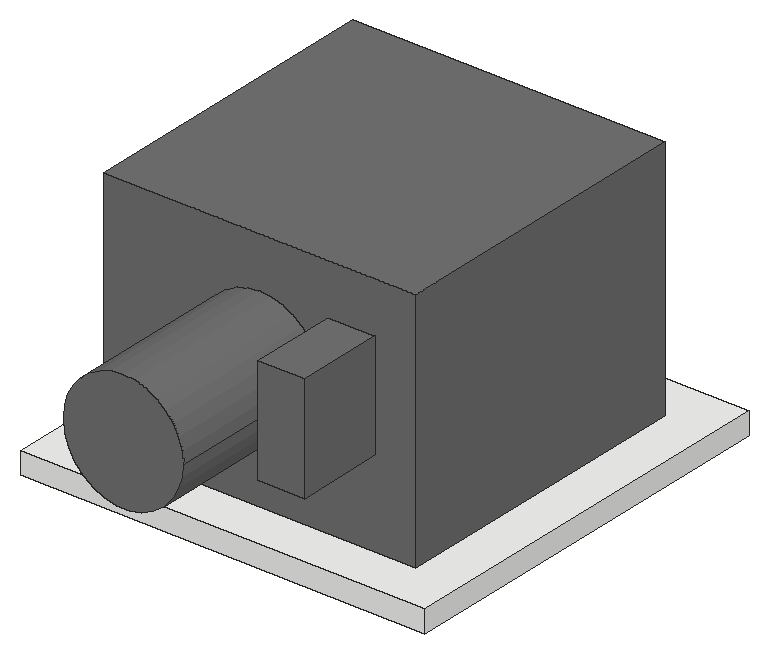
Revit family "vd-10_15z(p)cd14_50Hz", category 機械設備, Revit 2019
Family settings
  丸型コネクタ寸法 = 直径を使用
  パーツ タイプ = 標準
  OmniClass 番号 = 23.75.35.17.27
  OmniClass タイトル = Centrifugal Fans
  作業面ベース = いいえ
  常に垂直 = はい
  ロード時にボイドで切り取り = いいえ
  共有 = いいえ
  部屋計算ポイント = はい
Parameters (values of type "VD-15ZCD14")
  騒音レベル(dB(A)) [instance] = 28.5
  風量 [instance] = 180.0 m³/h
  電源種別 [instance] = ""
  電圧 = 100 V
  電動機出力 = 0 W
  電動機_種別 [instance] = ""
  運転質量 = 0.00 kg
  連動 [instance] = ""
  質量 = if(製品質量 > 運転質量, 製品質量, 運転質量) * 1.2  # 3.60 kg
  負荷分類 = 3_ファン類
  説明 = "ダクト用換気扇 低騒音形 電気式シャッター付"
  設計風量 [instance] = 0.0 m³/h
  設置方法 = "天埋"
  記号 [instance] = ""
  製造元 = "三菱電機株式会社"
  製品質量 = 3.00 kg
  製品出荷対象 = "国内"
  製品リリース年月 = "2024年6月3日"
  製品グループ = ""
  系統 [instance] = ""
  符号 [instance] = if(☑給気／□排気, "FS", "FE")  # "FE"
  積算_科目 = "2 換気設備"
  積算_拾い区分 [instance] = ""
  相 = 1
  盤記号 [instance] = ""
  発停方法 [instance] = ""
  特殊仕様 [instance] = ""
  火災停止 [instance] = ""
  消費電力 = 15.2 W
  法定耐用年数 = "15"
  機外静圧 [instance] = 0.0 Pa
  極数 = 2
  材質 [instance] = ""
  操作・制御方式 = ""
  操作・制御スイッチ = ""
  排気量 [instance] = if(☑給気／□排気, 0.0 m³/h, 設計風量)  # 0.0 m³/h
  形式 = "天井埋込ダクト形"
  幹線記号 [instance] = ""
  対象室 [instance] = ""
  実風量 [instance] = 0.0 m³/h
  始動方式 [instance] = "直入"
  外気量 [instance] = if(☑給気／□排気, 設計風量, 0.0 m³/h)  # 0.0 m³/h
  呼称 = "天井扇"
  周波数 = 50 Hz
  参照している仕様書等のバージョン = ""
  分類コード = "50052503100030"
  分類グループ = ""
  価格 = 40300
  企業コード = "108420"
  付属品_防振装置 = ""
  付属品 [instance] = ""
  仕様書バージョン = "Version1.0"
  モデル = "VD-15ZCD14"
  マテリアル = 合成樹脂(黒)
  ファンの種類 = ""
  ダクト径 = 100 mm
  コメント [instance] = ""
  Keynote = ""
  カバーマテリアル = 合成樹脂(白)
  ☑給気／□排気 [instance] = no
  Width = 254 mm
  W1 = 330 mm
  Version = ""
  Uniclass2015Version = "Systems v1.9"
  Uniclass2015Title = "Centrifugal fans"
  Uniclass2015Code = "Pr_65_67_29_12"
  URL = "https://www.mitsubishielectric.co.jp/ldg/wink/qr/002/333605/"
  SpecificationReference = ""
  SpecificationDescription = ""
  Revision = ""
  ProductInformation = ""
  OmniClassCode = "23-33 31 19 11 15"
  OAサイズ_D = 0 mm
  MIN風量 = 0.0 m³/h
  MIN静圧 = 0.0 Pa
  MID風量 = 0.0 m³/h
  MID静圧 = 0.0 Pa
  MAX風量 = 180.0 m³/h
  MAX静圧 = 0.0 Pa
  IfcTypeProduct = ""
  IfcProduct = ""
  IfcExportType = "PROPELLORAXIAL"
  IfcExportAs = "IfcFanType"
  Height = 200 mm
  H1 = 18 mm
  EAサイズ_D = 98 mm
  Duct_Height = 109 mm
  Duct_Depth = 139 mm
  Duct_Center = 0 mm
  Depth = 254 mm
  D1 = 330 mm
  Box_Width = 38 mm
  Box_W = 94 mm
  Box_Height = 87 mm
  Box_H = 71 mm
  Box_Depth = 72 mm
  Author = "三菱電機株式会社"
Types (4, lengths in mm): name | 騒音レベル(dB(A)) | 風量 | 質量 | 製品質量 | 製品リリース年月 | 消費電力 | 価格 | モデル | Width | W1 | URL | MAX風量 | Height | H1 | Duct_Height | Duct_Center | Depth | D1 | Box_W | Box_H
  VD-10ZCD14 | 21.5 | 90.0 m³/h | 2.04 kg | 1.70 kg | "2024年4月1日" | 8.4 W | 35200 | "VD-10ZCD14" | 174 | 250 | "https://www.mitsubishielectric.co.jp/ldg/wink/qr/002/333560/" | 90.0 m³/h | 184 | 15 | 102 | 0 | 174 | 250 | 94 | 66.5
  VD-13ZCD14 | 27.5 | 125.0 m³/h | 2.28 kg | 1.90 kg | "2024年4月1日" | 14.2 W | 38200 | "VD-13ZCD14" | 198 | 286 | "https://www.mitsubishielectric.co.jp/ldg/wink/qr/002/333584/" | 125.0 m³/h | 195 | 15 | 102 | 56 | 198 | 286 | 38 | 66.5
  VD-15ZCD14 | 28.5 | 180.0 m³/h | 3.60 kg | 3.00 kg | "2024年6月3日" | 15.2 W | 40300 | "VD-15ZCD14" | 254 | 330 | "https://www.mitsubishielectric.co.jp/ldg/wink/qr/002/333605/" | 180.0 m³/h | 200 | 18 | 109 | 0 | 254 | 330 | 94 | 71
  VD-15ZPCD14 | 34 | 220.0 m³/h | 3.60 kg | 3.00 kg | "2024年6月3日" | 21.2 W | 43500 | "VD-15ZPCD14" | 254 | 330 | "https://www.mitsubishielectric.co.jp/ldg/wink/qr/002/333629/" | 220.0 m³/h | 200 | 18 | 109 | 0 | 254 | 330 | 94 | 71
Reference planes
  plane 1 "中心(正面/背面)": y = 0
  plane 2: z = 0
  plane 3 "中心(左/右)": x = 0
  plane 4: x = -165
  plane 5: x = 165
  plane 6: y = 165
  plane 7: y = -165
  plane 8: x = -127
  plane 9: x = 127
  plane 10: y = 127
  plane 11: y = -127
  plane 12: y = -266
  plane 13: z = 200
  plane 14: z = -18
  plane 15: z = 109
  plane 16: x = 0
  plane 17: z = 71
  plane 18: z = 158
  plane 19: x = 94
  plane 20: x = 56
  plane 21: y = -199
Forms (mm)
  Extrusion 1, solid, material "合成樹脂(黒)" <- "マテリアル", detail levels fine
    sketch origin (0, 0, 0) x (1, 0, 0) y (0, 1, 0)
      loop
        line (-127, 127) -> (-127, -127) -> (127, -127) -> (127, 127) -> (-127, 127)
    from 0 to 200
  Extrusion 2, solid, material "合成樹脂(白)" <- "カバーマテリアル", detail levels fine
    sketch origin (0, 0, 0) x (1, 0, 0) y (0, 1, 0)
      loop
        line (-165, 165) -> (-165, -165) -> (165, -165) -> (165, 165) -> (-165, 165)
    from 0 to -18
  Extrusion 3, solid, material "合成樹脂(黒)" <- "マテリアル", detail levels fine
    sketch origin (0, 0, 0) x (1, 0, 0) y (0, 0, 1)
      loop
        circle (0, 109) r 49
    from 127 to 266
  Extrusion 4, solid, material "合成樹脂(黒)" <- "マテリアル", detail levels fine
    sketch origin (0, 0, 0) x (1, 0, 0) y (0, 0, 1)
      loop
        line (94, 158) -> (56, 158) -> (56, 71) -> (94, 71) -> (94, 158)
    from 127 to 199
Dimensions and locks
  equal spacing: plane 4, plane 3 "中心(左/右)", plane 5
  "W1": plane 4 to plane 5
  equal spacing: plane 6, plane 1 "中心(正面/背面)", plane 7
  "D1": plane 6 to plane 7
  equal spacing: plane 8, plane 3 "中心(左/右)", plane 9
  "Width": plane 8 to plane 9
  equal spacing: plane 10, plane 1 "中心(正面/背面)", plane 11
  "Depth": plane 10 to plane 11
  "Duct_Depth": plane 11 to plane 12
  "Height": plane 13 to plane 2
  "Duct_Height": plane 15 to plane 2
  "H1": plane 2 to plane 14
  "Duct_Center": plane 3 "中心(左/右)" to plane 16
  "Box_Height": plane 18 to plane 17
  "Box_Width": plane 19 to plane 20
  "Box_Depth": plane 11 to plane 21
  "Box_W": plane 19 to plane 3 "中心(左/右)"
  "Box_H": plane 17 to level
  "EAサイズ_D": diameter of Extrusion 3 sketch curve
  aligned and locked: level to plane 2
  aligned and locked: plane 5 to Extrusion 2
  aligned and locked: plane 6 to Extrusion 2
  aligned and locked: Extrusion 2 to plane 4
  aligned and locked: Extrusion 2 to plane 7
  aligned and locked: plane 9 to Extrusion 1
  aligned and locked: Extrusion 1 to plane 11
  aligned and locked: Extrusion 1 to plane 8
  aligned and locked: plane 10 to Extrusion 1
  aligned and locked: plane 13 to Extrusion 1
  aligned and locked: Extrusion 2 to plane 14
  aligned and locked: level to Extrusion 2
  aligned and locked: Extrusion 1 to level
  aligned and locked: Extrusion 3 to plane 12
  aligned and locked: plane 11 to Extrusion 3
  aligned and locked: plane 18 to Extrusion 4
  aligned and locked: Extrusion 4 to plane 17
  aligned and locked: plane 20 to Extrusion 4
  aligned and locked: Extrusion 4 to plane 21
  aligned and locked: Extrusion 4 to Extrusion 1
  aligned and locked: plane 19 to Extrusion 4
Automatic sketch dimensions
  Extrusion 1 sketch curve to plane 3 "中心(左/右)" = 127 mm
  plane 3 "中心(左/右)" to Extrusion 1 sketch curve = 127 mm
  Extrusion 2 sketch curve to plane 3 "中心(左/右)" = 165 mm
  plane 3 "中心(左/右)" to Extrusion 2 sketch curve = 165 mm
  plane 1 "中心(正面/背面)" to Extrusion 1 sketch curve = 127 mm
  Extrusion 1 sketch curve to plane 1 "中心(正面/背面)" = 127 mm
  plane 1 "中心(正面/背面)" to Extrusion 2 sketch curve = 165 mm
  Extrusion 2 sketch curve to plane 1 "中心(正面/背面)" = 165 mm
  Extrusion 3 sketch curve to plane 15 = 0 mm
  Extrusion 3 sketch curve to plane 16 = 0 mm
  Extrusion 4 sketch curve to plane 9 = 33 mm
  Extrusion 4 sketch curve to plane 17 = 0 mm
  plane 18 to Extrusion 4 sketch curve = 0 mm
  Extrusion 4 sketch curve to plane 5 = 109 mm
Nested families
  nested 1: "記号_天井換気扇_平面" at (0, 0, 0), type "記号_天井換気扇_平面", detail levels coarse+medium
Connectors
  hvac at (0, -266, 109), driven by "ダクト径", driven by "風量", driven by "機外静圧"
    settings: on Extrusion 3, index 1, duct flow 180.0 m³/h, flow factor 0, pres drop 0.0 Pa, loss coef 0, conn angle 0.00°, conn width 304.8 mm, conn height 304.8 mm, conn diameter 100 mm, duct sys type 3, conn prof type 0, flow config 0, flow direction 2, loss method 4, conn ref index -1, conn util no, is conn primary yes, conn desc ""
  electrical at (0, 0, 200), driven by "極数", driven by "負荷分類", driven by "電圧", driven by "消費電力"
    settings: on Extrusion 1, index 2, voltage 100 V, apparent load 15.2 VA, apparent load phase1 0 VA, apparent load phase2 0 VA, apparent load phase3 0 VA, power factor 1, load classification "3_ファン類", number of poles 2, system type 30, power factor state 1, is connector primary yes, connector utility no, sub classification motor no, connector description ""
Definition of nested family "記号_天井換気扇_平面"
  Reference planes
    plane 1: y = 0
    plane 2: x = 0
  Lines and regions (mm)
    detail lines
      curve 1: line (-2.5, 2.5, 0) -> (2.5, 2.5, 0)
      curve 2: line (-2.5, -2.5, 0) -> (-2.5, 2.5, 0)
      curve 3: line (2.5, -2.5, 0) -> (-2.5, -2.5, 0)
      curve 4: line (2.5, 2.5, 0) -> (2.5, -2.5, 0)
      curve 5: circle (-1.04, -1.04, 0) r 1.46 normal (0, 0, 1)
      curve 6: circle (1.04, 1.04, 0) r 1.46 normal (0, 0, 1)
      curve 7: line (-3.125, 3.125, 0) -> (3.125, 3.125, 0)
      curve 8: line (-3.125, -3.125, 0) -> (-3.125, 3.125, 0)
      curve 9: line (3.125, -3.125, 0) -> (-3.125, -3.125, 0)
      curve 10: line (3.125, 3.125, 0) -> (3.125, -3.125, 0)
      curve 11: circle (1.295, 1.295, 0) r 1.83 normal (0, 0, 1)
      curve 12: circle (-1.295, -1.295, 0) r 1.83 normal (0, 0, 1)
      curve 13: line (-2, 2, 0) -> (2, 2, 0)
      curve 14: line (-2, -2, 0) -> (-2, 2, 0)
      curve 15: line (2, -2, 0) -> (-2, -2, 0)
      curve 16: line (2, 2, 0) -> (2, -2, 0)
      curve 17: circle (0.84, 0.84, 0) r 1.16 normal (0, 0, 1)
      curve 18: circle (-0.84, -0.84, 0) r 1.2 normal (0, 0, 1)
